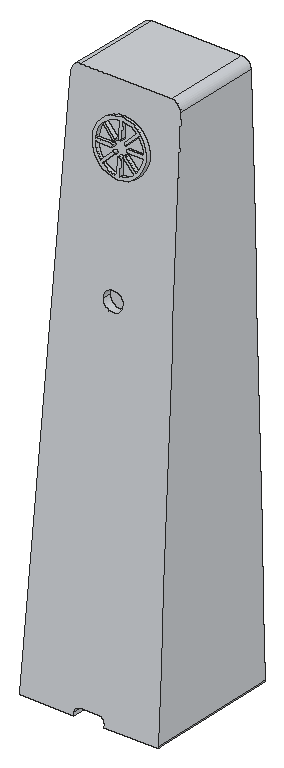
Revit family "Shower-Bath_Spout-KOHLER-Honesty-K-20004", category Plumbing Fixtures, host Face, Revit 2015
Parameters (values of type "CP-Polished Chrome")
  Width = 1 7/8"  # constant formula
  Waste Water Outlet = "Waste Water Outlet"  # constant formula
  Waste Connection = no
  Vent Connection = no
  URL = "https://www.us.kohler.com/us/"
  Spout Reach = 6 9/16"  # constant formula
  Product Page URL = "http://www.us.kohler.com/us/catalog/productDetails.jsp?productNumber=20004"
  Product Name = "Honesty"  # constant formula
  Product Documentation Link = "http://www.us.kohler.com/onlinecatalog/pdf/K-20004_spec.pdf"
  Pressure = 0.00 psi
  Model = "K-20004-CP"  # constant formula
  Material = "Premium Metal Construction"  # constant formula
  MasterFormat 2004 = "22.41.39"  # constant formula
  MasterFormat 1995 = "15410"  # constant formula
  Manufacturer Address = "444 Highland Dr, Kohler, WI 53044"  # constant formula
  Manufacturer = "KOHLER Co."  # constant formula
  Length = 7 3/8"  # constant formula
  Hot Water Inlet = "Tempered Water Inlet"  # constant formula
  Height = 1 13/16"  # constant formula
  HW Connection = yes
  Flow Rate = 0 GPM
  Finish = Kohler-Metal-CP-Polished_Chrome
  Environmental Product Declaration = ""
  Drain Included = 1 = 0  # no
  Description = "Wall-mount bath spout"  # constant formula
  Default Elevation = 36"
  Declare Label = ""
  Date Modified = "06/22/2018"  # constant formula
  Date Created = "06/22/2018"  # constant formula
  Copyright = "Copyright KOHLER Co."  # constant formula
  Contact Us = "https://www.us.kohler.com/us/static/contact.jsp"
  Cold Water Inlet = "Cold Water Inlet"  # constant formula
  CW Connection = no
  Assembly Code = "D2010"
  ADA Compliant = 1 = 0  # no
Reference planes (in)
  plane 1 "Center (Front/Back)": y = 0
  plane 2: z = 0
  plane 3 "Center (Left/Right)": x = 0
  plane 4: y = 0.90629
  plane 5: y = -0.90621
  plane 6: z = 7.375
  plane 7: z = 6.5625
  plane 8: x = -0.9375
  plane 9: x = 0.9375
Dimensions and locks (in)
  "Spout Reach": level to plane 7
  "Length": plane 6 to level
  "Width": plane 8 to plane 9
  "Height": plane 4 to plane 5
  aligned and locked: plane 2 to host face
  aligned and locked: level to host face
Automatic sketch dimensions
  host sketch curve to host sketch curve = 96"  (x2)
Nested families (in)
  nested 1: "K-20004" at (0, -0.00403, 0), type "K-20004"
Connectors (in)
  piping at (0, 0.26324, 0), diameter 0.5, driven by "HW Connection", driven by "Hot Water Inlet"
    settings: on nested 1, index 1, connector inside diameter 24", connector length 0", flow factor 0, pipe flow 0 GPM, pressure drop 0.00 psi, fitting loss kfactor 0, connector angle 0.00°, fixture units 0, engagement length 0", angle of deflection 0.00°, flow configuration 0, flow direction 1, fitting loss method 0, system type 19, joint type 0, gender type 0, connector reference index -1, connector utility 1, adjustable connector no, is connector primary yes, connector description "Tempered Water Inlet"
Definition of nested family "K-20004"
  Parameters (values of type "K-20004")
    Material = none
  Reference planes (in)
    plane 1 "Center (Front/Back)": y = 0
    plane 2: z = 0
    plane 3 "Center (Left/Right)": x = 0
    plane 4 "A": through (0, -0.27316, 7.35836) normal (0, -0.9965, 0.0837)
    plane 5: z = 7.375
    plane 6: x = 0.9375
    plane 7: x = -0.9375
    plane 8: y = 0.91032
    plane 9: y = -0.90218
  Forms (in)
    Blend 1, solid, material <- "Material", detail levels medium+fine
      base sketch origin (0, 0, 0) x (1, 0, 0) y (0, 0, 1)
        loop
          line (-0.90528, 0) -> (0.90515, 0)
          arc (0.90515, 0) -> (0.91924, 0.00595) -> (0.92481, 0.02021) r 0.01968
          line (0.92481, 0.02021) -> (0.73032, 7.24525)
          arc (0.73032, 7.24525) -> (0.69413, 7.32788) -> (0.61055, 7.36184) r 0.11981
          line (0.61055, 7.36184) -> (-0.60932, 7.36184)
          arc (-0.60932, 7.36184) -> (-0.69378, 7.32751) -> (-0.73037, 7.244) r 0.12109
          line (-0.73037, 7.244) -> (-0.92483, 0.02008)
          arc (-0.92483, 0.02008) -> (-0.91929, 0.00592) -> (-0.90528, 0) r 0.01956
      top sketch origin (0, 0, 0) x (1, 0, 0) y (0, 0, 1)
        loop
          arc (0.72067, 7.23401) -> (0.68411, 7.31758) -> (0.59961, 7.35193) r 0.12109
          line (0.59961, 7.35193) -> (-0.60098, 7.35193)
          arc (-0.60098, 7.35193) -> (-0.6845, 7.31797) -> (-0.72064, 7.23536) r 0.1197
          line (-0.72064, 7.23536) -> (-0.90963, 0.02051)
          arc (-0.90963, 0.02051) -> (-0.90397, 0.00604) -> (-0.88966, 0) r 0.01998
          line (-0.88966, 0) -> (0.89019, 0)
          arc (0.89019, 0) -> (0.90413, 0.00588) -> (0.90964, 0.01996) r 0.01945
          line (0.90964, 0.01996) -> (0.72067, 7.23401)
      from 0.93008 to -0.94001
    Extrusion 2, void
      sketch origin (0, 0, 0) x (0, 1, 0) y (0, 0, 1)
        loop
          line (-0.25349, 7.59264) -> (-1.17946, 7.59264) -> (-1.17946, -0.11019) -> (-0.90032, -0.11019) -> (-0.25349, 7.59264)
      from -1.16644 to 1.18866
    Extrusion 3, void
      sketch origin (0, 0, 0) x (1, 0, 0) y (0, 1, 0)
        loop
          arc (-0.94901, 0.88698) -> (0, 0.91032) -> (0.94901, 0.88698) r 19.30666
          line (0.94901, 0.88698) -> (0.94901, 0.96095) -> (-0.94901, 0.96095) -> (-0.94901, 0.88698)
      from -0.15126 to 7.56479
    Extrusion 4, void
      sketch origin (0, 0, 0) x (1, 0, 0) y (0, 0, 1)
        loop
          arc (-0.13152, 0.11084) -> (-0.18171, 0.09005) -> (-0.2025, 0.03985) r 0.07098
          line (-0.2025, 0.03985) -> (-0.2025, -0.08132) -> (0.1975, -0.08132) -> (0.1975, 0.04052)
          arc (0.1975, 0.04052) -> (0.1769, 0.09024) -> (0.12718, 0.11084) r 0.07031
          line (0.12718, 0.11084) -> (-0.13152, 0.11084)
        loop
          circle (-0.00217, 4.82602) r 0.13364
      from 0.37578 to 0.96939
    Extrusion 5, solid, material <- "Material", detail levels medium+fine
      sketch origin (0, -0.88482, 0.0743) x (0, 0.083678, 0.996493) y (-1, 0, 0)
        loop
          arc (6.46101, -0.06792) -> (6.48576, -0.06792) -> (6.48576, -0.09267) r 0.0175
          line (6.48576, -0.09267) -> (6.3396, -0.23883)
          arc (6.3396, -0.23883) -> (6.43094, -0.29632) -> (6.53618, -0.32026) r 0.32074
          line (6.53618, -0.32026) -> (6.53618, -0.11344)
          arc (6.53618, -0.11344) -> (6.55368, -0.09594) -> (6.57118, -0.11344) r 0.0175
          line (6.57118, -0.11344) -> (6.57118, -0.32026)
          arc (6.57118, -0.32026) -> (6.67643, -0.29632) -> (6.76777, -0.23883) r 0.32074
          line (6.76777, -0.23883) -> (6.62082, -0.09188)
          arc (6.62082, -0.09188) -> (6.62082, -0.06713) -> (6.64557, -0.06713) r 0.0175
          line (6.64557, -0.06713) -> (6.79252, -0.21408)
          arc (6.79252, -0.21408) -> (6.85001, -0.12274) -> (6.87395, -0.0175) r 0.32074
          line (6.87395, -0.0175) -> (6.66462, -0.0175)
          arc (6.66462, -0.0175) -> (6.64712, 0) -> (6.66462, 0.0175) r 0.0175
          line (6.66462, 0.0175) -> (6.87395, 0.0175)
          arc (6.87395, 0.0175) -> (6.85001, 0.12275) -> (6.79252, 0.21409) r 0.32074
          line (6.79252, 0.21409) -> (6.64462, 0.0662)
          arc (6.64462, 0.0662) -> (6.61987, 0.0662) -> (6.61987, 0.09094) r 0.0175
          line (6.61987, 0.09094) -> (6.76777, 0.23884)
          arc (6.76777, 0.23884) -> (6.67643, 0.29633) -> (6.57118, 0.32027) r 0.32074
          line (6.57118, 0.32027) -> (6.57118, 0.11072)
          arc (6.57118, 0.11072) -> (6.55368, 0.09322) -> (6.53618, 0.11072) r 0.0175
          line (6.53618, 0.11072) -> (6.53618, 0.32027)
          arc (6.53618, 0.32027) -> (6.43094, 0.29633) -> (6.3396, 0.23884) r 0.32074
          line (6.3396, 0.23884) -> (6.48674, 0.0917)
          arc (6.48674, 0.0917) -> (6.48674, 0.06695) -> (6.46199, 0.06695) r 0.0175
          line (6.46199, 0.06695) -> (6.31485, 0.21409)
          arc (6.31485, 0.21409) -> (6.25736, 0.12275) -> (6.23342, 0.0175) r 0.32074
          line (6.23342, 0.0175) -> (6.44004, 0.0175)
          arc (6.44004, 0.0175) -> (6.45754, 0) -> (6.44004, -0.0175) r 0.0175
          line (6.44004, -0.0175) -> (6.23342, -0.0175)
          arc (6.23342, -0.0175) -> (6.25736, -0.12274) -> (6.31485, -0.21408) r 0.32074
          line (6.31485, -0.21408) -> (6.46101, -0.06792)
        loop
          circle (6.55368, 0) r 0.36217
      from -0.02555 to 0.05
    Extrusion 6, solid, material <- "Material"
      sketch origin (0, 0, 0) x (1, 0, 0) y (0, 1, 0)
        loop
          circle (0, 0.26727) r 0.25
      from 0 to 0.04538
    Blend 7, solid, material <- "Material", detail levels coarse
      base sketch origin (0, -0.06579, 0) x (1, 0, 0) y (0, 0, 1)
        loop
          line (-0.90528, 0) -> (0.90515, 0)
          arc (0.90515, 0) -> (0.91924, 0.00595) -> (0.92481, 0.02021) r 0.01968
          line (0.92481, 0.02021) -> (0.73032, 7.24525)
          arc (0.73032, 7.24525) -> (0.69413, 7.32788) -> (0.61055, 7.36184) r 0.11981
          line (0.61055, 7.36184) -> (-0.60932, 7.36184)
          arc (-0.60932, 7.36184) -> (-0.69378, 7.32751) -> (-0.73037, 7.244) r 0.12109
          line (-0.73037, 7.244) -> (-0.92483, 0.02008)
          arc (-0.92483, 0.02008) -> (-0.91929, 0.00592) -> (-0.90528, 0) r 0.01956
      top sketch origin (0, -0.06579, 0) x (1, 0, 0) y (0, 0, 1)
        loop
          arc (0.72067, 7.23401) -> (0.68411, 7.31758) -> (0.59961, 7.35193) r 0.12109
          line (0.59961, 7.35193) -> (-0.60098, 7.35193)
          arc (-0.60098, 7.35193) -> (-0.6845, 7.31797) -> (-0.72064, 7.23536) r 0.1197
          line (-0.72064, 7.23536) -> (-0.90963, 0.02051)
          arc (-0.90963, 0.02051) -> (-0.90397, 0.00604) -> (-0.88966, 0) r 0.01998
          line (-0.88966, 0) -> (0.89019, 0)
          arc (0.89019, 0) -> (0.90413, 0.00588) -> (0.90964, 0.01996) r 0.01945
          line (0.90964, 0.01996) -> (0.72067, 7.23401)
      from 0.93008 to -0.94001
  Cuts and joins
    Extrusion 2, Extrusion 3, Extrusion 4 cuts Blend 1
    joined: Blend 1, Extrusion 5
  Lines and regions (in)
    Masking region 1
      outline origin (0, 0, 0) x (0, 1, 0) y (0, 0, 1)
        loop
          line (-0.90218, 0) -> (0.91032, 0) -> (0.91032, 7.375) -> (-0.27177, 7.375) -> (-0.30612, 6.9659) -> (-0.35594, 6.97009) -> (-0.41656, 6.24828) -> (-0.36666, 6.24409) -> (-0.90218, 0)
    Masking region 2
      outline origin (0, 0, 0) x (1, 0, 0) y (0, 0, 1)
        loop
          spline (-0.62131, 7.37496) -> (-0.63739, 7.3736) -> (-0.65314, 7.37011) -> (-0.66829, 7.36456) -> (-0.68256, 7.35705) -> (-0.6957, 7.34771) -> (-0.70747, 7.33671) -> (-0.71767, 7.32425) -> (-0.72611, 7.31054) -> (-0.73264, 7.29584) -> (-0.73714, 7.2804) -> (-0.73955, 7.2645) -> (-0.7398, 7.24842)
          line (-0.7398, 7.24842) -> (-0.9375, 0.02009)
          spline (-0.9375, 0.02009) -> (-0.9374, 0.01752) -> (-0.93697, 0.01497) -> (-0.9362, 0.01251) -> (-0.93511, 0.01017) -> (-0.93372, 0.00799) -> (-0.93206, 0.00601) -> (-0.93015, 0.00427) -> (-0.92802, 0.0028) -> (-0.92572, 0.00161) -> (-0.92328, 0.00074) -> (-0.92075, 0.0002) -> (-0.91817, 0)
          line (-0.91817, 0) -> (0.91807, 0)
          spline (0.91807, 0) -> (0.92066, 0.0002) -> (0.9232, 0.00075) -> (0.92565, 0.00162) -> (0.92796, 0.0028) -> (0.93009, 0.00428) -> (0.93201, 0.00603) -> (0.93369, 0.00801) -> (0.93508, 0.01019) -> (0.93618, 0.01254) -> (0.93696, 0.01502) -> (0.9374, 0.01757) -> (0.9375, 0.02016)
          line (0.9375, 0.02016) -> (0.73979, 7.24889)
          spline (0.73979, 7.24889) -> (0.73952, 7.26492) -> (0.73711, 7.28076) -> (0.73261, 7.29615) -> (0.72609, 7.3108) -> (0.71767, 7.32446) -> (0.70749, 7.33688) -> (0.69575, 7.34783) -> (0.68265, 7.35713) -> (0.66843, 7.36461) -> (0.65333, 7.37013) -> (0.63762, 7.3736) -> (0.62159, 7.37496)
          line (0.62159, 7.37496) -> (-0.62131, 7.37496)
    Masking region 3
      outline origin (0, 0, 0) x (1, 0, 0) y (0, 1, 0)
        loop
          line (-0.91005, 0.88886) -> (-0.9375, -0.90218) -> (-0.19009, -0.90218)
          spline (-0.19009, -0.90218) -> (-0.19635, -0.90124) -> (-0.20049, -0.90023) -> (-0.20238, -0.89916) -> (-0.20195, -0.89809) -> (-0.19922, -0.89704) -> (-0.19427, -0.89605) -> (-0.18728, -0.89515) -> (-0.17846, -0.89436) -> (-0.1681, -0.89373) -> (-0.15655, -0.89326) -> (-0.14417, -0.89297) -> (-0.13138, -0.89288)
          line (-0.13138, -0.89288) -> (0.12842, -0.89288)
          spline (0.12842, -0.89288) -> (0.14106, -0.89299) -> (0.15324, -0.8933) -> (0.16457, -0.89378) -> (0.17467, -0.89443) -> (0.18323, -0.89521) -> (0.18995, -0.89612) -> (0.19462, -0.89711) -> (0.19709, -0.89815) -> (0.19728, -0.89921) -> (0.19518, -0.90026) -> (0.19086, -0.90126) -> (0.18446, -0.90218)
          line (0.18446, -0.90218) -> (0.9375, -0.90218) -> (0.91005, 0.88886)
          arc (0.91005, 0.88886) -> (0, 0.91032) -> (-0.91005, 0.88886) r 19.30666
    symbolic lines, detail levels medium+fine
      curve 1: line (0, 0.89686, 7.23584) -> (0, 0.88977, 0)
      curve 2: line (0, -0.30612, 6.9659) -> (0, -0.36673, 6.2441)
      curve 3: line (-0.91005, 0, 0.02051) -> (-0.72019, 0, 7.26108)
      curve 4: spline (-0.72019, 0, 7.26108) -> (-0.71772, 0, 7.27545) -> (-0.71353, 0, 7.2894) -> (-0.70767, 0, 7.30275) -> (-0.70023, 0, 7.31529) -> (-0.69133, 0, 7.32682) -> (-0.68109, 0, 7.33719) -> (-0.66967, 0, 7.34624) -> (-0.65723, 0, 7.35384) -> (-0.64397, 0, 7.35986) -> (-0.63007, 0, 7.36423) -> (-0.61574, 0, 7.36687) -> (-0.6012, 0, 7.36776)
      curve 5: spline (-0.6012, 0, 7.36776) -> (-0.50118, 0, 7.36775) -> (-0.40114, 0, 7.36774) -> (-0.3011, 0, 7.36773) -> (-0.20104, 0, 7.36772) -> (-0.10098, 0, 7.36772) -> (-0.00092, 0, 7.36771) -> (0.09914, 0, 7.36772) -> (0.1992, 0, 7.36772) -> (0.29925, 0, 7.36773) -> (0.3993, 0, 7.36774) -> (0.49933, 0, 7.36775) -> (0.59935, 0, 7.36776)
      curve 6: spline (0.59989, 0, 7.36776) -> (0.6146, 0, 7.36686) -> (0.62909, 0, 7.36419) -> (0.64315, 0, 7.35977) -> (0.65657, 0, 7.35367) -> (0.66914, 0, 7.34599) -> (0.68069, 0, 7.33684) -> (0.69105, 0, 7.32635) -> (0.70005, 0, 7.31468) -> (0.70757, 0, 7.302) -> (0.71349, 0, 7.2885) -> (0.71773, 0, 7.27438) -> (0.72022, 0, 7.25985)
      curve 7: line (0.72022, 0, 7.25985) -> (0.91005, 0, 0.01999)
      curve 8: spline (0.91005, 0, 0.01999) -> (0.90995, 0, 0.0174) -> (0.9095, 0, 0.01485) -> (0.90872, 0, 0.01238) -> (0.90762, 0, 0.01003) -> (0.90622, 0, 0.00786) -> (0.90454, 0, 0.00589) -> (0.90262, 0, 0.00416) -> (0.90048, 0, 0.0027) -> (0.89817, 0, 0.00153) -> (0.89572, 0, 0.00069) -> (0.89319, 0, 0.00017) -> (0.89061, 0, 0)
      curve 9: spline (-0.89007, 0, 0) -> (-0.89273, 0, 0.00018) -> (-0.89533, 0, 0.0007) -> (-0.89784, 0, 0.00157) -> (-0.90021, 0, 0.00276) -> (-0.90241, 0, 0.00426) -> (-0.90439, 0, 0.00604) -> (-0.90611, 0, 0.00806) -> (-0.90755, 0, 0.01029) -> (-0.90868, 0, 0.0127) -> (-0.90948, 0, 0.01523) -> (-0.90994, 0, 0.01785) -> (-0.91005, 0, 0.02051)
      curve 10: arc (0, 0.91032, 7.375) -> (0, 0.90026, 7.30574) -> (0, 0.89686, 7.23584) r 0.73343
      curve 11: line (-0.9375, -0.90218, 0) -> (-0.727, -0.28302, 0)
      curve 12: spline (-0.72698, -0.28302, 0) -> (-0.72559, -0.28172, 0) -> (-0.72221, -0.28045, 0) -> (-0.71692, -0.27923, 0) -> (-0.70979, -0.27807, 0) -> (-0.70095, -0.277, 0) -> (-0.69053, -0.27603, 0) -> (-0.67872, -0.27519, 0) -> (-0.66571, -0.27448, 0) -> (-0.65171, -0.27391, 0) -> (-0.63696, -0.2735, 0) -> (-0.62169, -0.27325, 0) -> (-0.60617, -0.27316, 0)
      curve 13: line (-0.60617, -0.27316, 0) -> (0.60865, -0.27316, 0)
      curve 14: spline (0.60865, -0.27316, 0) -> (0.62413, -0.27327, 0) -> (0.63931, -0.27354, 0) -> (0.65395, -0.27398, 0) -> (0.6678, -0.27456, 0) -> (0.68063, -0.2753, 0) -> (0.69223, -0.27616, 0) -> (0.7024, -0.27714, 0) -> (0.71099, -0.27822, 0) -> (0.71784, -0.27939, 0) -> (0.72284, -0.28062, 0) -> (0.72591, -0.28189, 0) -> (0.727, -0.28319, 0)
      curve 15: line (0.72698, -0.28299, 0) -> (0.9375, -0.90218, 0)
      curve 16: spline (-0.13574, -0.48581, 0) -> (-0.13129, -0.48291, 0) -> (-0.118, -0.48021, 0) -> (-0.09679, -0.47788, 0) -> (-0.06909, -0.4761, 0) -> (-0.03682, -0.47498, 0) -> (-0.00217, -0.47459, 0) -> (0.03248, -0.47498, 0) -> (0.06476, -0.4761, 0) -> (0.09245, -0.47788, 0) -> (0.11367, -0.48021, 0) -> (0.12695, -0.48291, 0) -> (0.1314, -0.48581, 0)
      curve 17: spline (0.1314, -0.48581, 0) -> (0.12695, -0.48871, 0) -> (0.11367, -0.49142, 0) -> (0.09245, -0.49374, 0) -> (0.06476, -0.49552, 0) -> (0.03248, -0.49665, 0) -> (-0.00217, -0.49703, 0) -> (-0.03682, -0.49665, 0) -> (-0.06909, -0.49552, 0) -> (-0.09679, -0.49374, 0) -> (-0.118, -0.49142, 0) -> (-0.13129, -0.48871, 0) -> (-0.13574, -0.48581, 0)
      curve 18: spline (0.0175, -0.35945, 0) -> (0.03551, -0.35958, 0) -> (0.0534, -0.35979, 0) -> (0.07113, -0.36008, 0) -> (0.08863, -0.36046, 0) -> (0.10585, -0.36092, 0) -> (0.12274, -0.36145, 0) -> (0.13923, -0.36207, 0) -> (0.15528, -0.36277, 0) -> (0.17084, -0.36354, 0) -> (0.18586, -0.36438, 0) -> (0.20029, -0.36529, 0) -> (0.21408, -0.36627, 0)
      curve 19: line (0.21408, -0.36627, 0) -> (0.06713, -0.37856, 0)
      curve 20: spline (0.06713, -0.37856, 0) -> (0.06435, -0.37887, 0) -> (0.0626, -0.37922, 0) -> (0.06201, -0.3796, 0) -> (0.0626, -0.37998, 0) -> (0.06435, -0.38033, 0) -> (0.06713, -0.38063, 0) -> (0.07076, -0.38087, 0) -> (0.07498, -0.38101, 0) -> (0.07951, -0.38106, 0) -> (0.08403, -0.38101, 0) -> (0.08826, -0.38087, 0) -> (0.09188, -0.38063, 0)
      curve 21: line (0.09188, -0.38063, 0) -> (0.23883, -0.36834, 0)
      curve 22: spline (0.23883, -0.36834, 0) -> (0.25051, -0.36949, 0) -> (0.26139, -0.3707, 0) -> (0.27144, -0.37195, 0) -> (0.28064, -0.37326, 0) -> (0.28894, -0.3746, 0) -> (0.29632, -0.37598, 0) -> (0.30276, -0.37739, 0) -> (0.30824, -0.37883, 0) -> (0.31275, -0.3803, 0) -> (0.31626, -0.38178, 0) -> (0.31876, -0.38328, 0) -> (0.32026, -0.38479, 0)
      curve 23: line (0.32026, -0.38479, 0) -> (0.11344, -0.38479, 0)
      curve 24: spline (0.11344, -0.38479, 0) -> (0.10891, -0.38484, 0) -> (0.10469, -0.38498, 0) -> (0.10106, -0.38522, 0) -> (0.09828, -0.38552, 0) -> (0.09653, -0.38587, 0) -> (0.09594, -0.38625, 0) -> (0.09653, -0.38663, 0) -> (0.09828, -0.38698, 0) -> (0.10106, -0.38729, 0) -> (0.10469, -0.38752, 0) -> (0.10891, -0.38767, 0) -> (0.11344, -0.38771, 0)
      curve 25: line (0.11344, -0.38771, 0) -> (0.32026, -0.38771, 0)
      curve 26: spline (0.32026, -0.38771, 0) -> (0.31876, -0.38922, 0) -> (0.31626, -0.39072, 0) -> (0.31275, -0.3922, 0) -> (0.30824, -0.39367, 0) -> (0.30276, -0.39511, 0) -> (0.29632, -0.39652, 0) -> (0.28894, -0.3979, 0) -> (0.28064, -0.39924, 0) -> (0.27144, -0.40055, 0) -> (0.26139, -0.4018, 0) -> (0.25051, -0.40301, 0) -> (0.23883, -0.40416, 0)
      curve 27: line (0.23883, -0.40416, 0) -> (0.09267, -0.39193, 0)
      curve 28: spline (0.09267, -0.39193, 0) -> (0.08904, -0.3917, 0) -> (0.08482, -0.39156, 0) -> (0.08029, -0.39151, 0) -> (0.07576, -0.39156, 0) -> (0.07154, -0.3917, 0) -> (0.06792, -0.39193, 0) -> (0.06514, -0.39224, 0) -> (0.06339, -0.39259, 0) -> (0.06279, -0.39297, 0) -> (0.06339, -0.39335, 0) -> (0.06514, -0.3937, 0) -> (0.06792, -0.39401, 0)
      curve 29: line (0.06792, -0.39401, 0) -> (0.21408, -0.40624, 0)
      curve 30: spline (0.21408, -0.40624, 0) -> (0.20029, -0.40721, 0) -> (0.18586, -0.40812, 0) -> (0.17084, -0.40896, 0) -> (0.15528, -0.40973, 0) -> (0.13923, -0.41043, 0) -> (0.12274, -0.41105, 0) -> (0.10585, -0.41159, 0) -> (0.08863, -0.41204, 0) -> (0.07113, -0.41242, 0) -> (0.0534, -0.41271, 0) -> (0.03551, -0.41292, 0) -> (0.0175, -0.41305, 0)
      curve 31: spline (-0.36218, -0.38625, 0) -> (-0.34984, -0.39409, 0) -> (-0.31366, -0.4014, 0) -> (-0.2561, -0.40768, 0) -> (-0.18109, -0.4125, 0) -> (-0.09374, -0.41552, 0) -> (0, -0.41656, 0) -> (0.09373, -0.41552, 0) -> (0.18108, -0.4125, 0) -> (0.25609, -0.40768, 0) -> (0.31365, -0.4014, 0) -> (0.34983, -0.39409, 0) -> (0.36217, -0.38625, 0) -> (0.34983, -0.37841, 0) -> (0.31365, -0.3711, 0) -> (0.25609, -0.36482, 0) -> (0.18108, -0.36, 0) -> (0.09373, -0.35698, 0) -> (0, -0.35594, 0) -> (-0.09374, -0.35698, 0) -> (-0.18109, -0.36, 0) -> (-0.2561, -0.36482, 0) -> (-0.31366, -0.3711, 0) -> (-0.34984, -0.37841, 0) -> (-0.36218, -0.38625, 0)
      curve 32: spline (-0.36218, -0.33643, 0) -> (-0.34984, -0.32858, 0) -> (-0.31366, -0.32127, 0) -> (-0.2561, -0.315, 0) -> (-0.18109, -0.31018, 0) -> (-0.09374, -0.30715, 0) -> (0, -0.30612, 0) -> (0.09373, -0.30715, 0) -> (0.18108, -0.31018, 0) -> (0.25609, -0.315, 0) -> (0.31365, -0.32127, 0) -> (0.34983, -0.32858, 0) -> (0.36217, -0.33643, 0)
      curve 33: line (-0.36218, -0.33643, 0) -> (-0.36218, -0.38625, 0)
      curve 34: line (0.36217, -0.33643, 0) -> (0.36217, -0.38625, 0)
      curve 35: line (-0.727, -0.28302, 0) -> (-0.727, 0.89283, 0)
      curve 36: line (0.727, -0.28319, 0) -> (0.727, 0.89283, 0)
      curve 37: spline (-0.0175, -0.37697, 0) -> (-0.01691, -0.37735, 0) -> (-0.01516, -0.3777, 0) -> (-0.01238, -0.378, 0) -> (-0.00875, -0.37824, 0) -> (-0.00453, -0.37838, 0) -> (0, -0.37843, 0) -> (0.00452, -0.37838, 0) -> (0.00875, -0.37824, 0) -> (0.01237, -0.378, 0) -> (0.01515, -0.3777, 0) -> (0.0169, -0.37735, 0) -> (0.0175, -0.37697, 0)
      curve 38: spline (0.0175, -0.39576, 0) -> (0.0169, -0.39538, 0) -> (0.01515, -0.39503, 0) -> (0.01237, -0.39472, 0) -> (0.00875, -0.39449, 0) -> (0.00452, -0.39435, 0) -> (0, -0.3943, 0) -> (-0.00453, -0.39435, 0) -> (-0.00875, -0.39449, 0) -> (-0.01238, -0.39472, 0) -> (-0.01516, -0.39503, 0) -> (-0.01691, -0.39538, 0) -> (-0.0175, -0.39576, 0)
      curve 39: spline (-0.0175, -0.35945, 0) -> (-0.03551, -0.35958, 0) -> (-0.05341, -0.35979, 0) -> (-0.07114, -0.36008, 0) -> (-0.08864, -0.36046, 0) -> (-0.10586, -0.36092, 0) -> (-0.12274, -0.36145, 0) -> (-0.13924, -0.36207, 0) -> (-0.15529, -0.36277, 0) -> (-0.17085, -0.36354, 0) -> (-0.18586, -0.36438, 0) -> (-0.20029, -0.36529, 0) -> (-0.21408, -0.36627, 0)
      curve 40: line (-0.21408, -0.36627, 0) -> (-0.06713, -0.37856, 0)
      curve 41: spline (-0.06713, -0.37856, 0) -> (-0.06435, -0.37887, 0) -> (-0.0626, -0.37922, 0) -> (-0.06201, -0.3796, 0) -> (-0.0626, -0.37998, 0) -> (-0.06435, -0.38033, 0) -> (-0.06713, -0.38063, 0) -> (-0.07076, -0.38087, 0) -> (-0.07498, -0.38101, 0) -> (-0.07951, -0.38106, 0) -> (-0.08403, -0.38101, 0) -> (-0.08826, -0.38087, 0) -> (-0.09188, -0.38063, 0)
      curve 42: line (-0.09188, -0.38063, 0) -> (-0.23883, -0.36834, 0)
      curve 43: spline (-0.23883, -0.36834, 0) -> (-0.25051, -0.36949, 0) -> (-0.26139, -0.3707, 0) -> (-0.27144, -0.37195, 0) -> (-0.28064, -0.37326, 0) -> (-0.28894, -0.3746, 0) -> (-0.29632, -0.37598, 0) -> (-0.30276, -0.37739, 0) -> (-0.30824, -0.37883, 0) -> (-0.31275, -0.3803, 0) -> (-0.31626, -0.38178, 0) -> (-0.31876, -0.38328, 0) -> (-0.32026, -0.38479, 0)
      curve 44: line (-0.32026, -0.38479, 0) -> (-0.11344, -0.38479, 0)
      curve 45: spline (-0.11344, -0.38479, 0) -> (-0.10891, -0.38484, 0) -> (-0.10469, -0.38498, 0) -> (-0.10106, -0.38522, 0) -> (-0.09828, -0.38552, 0) -> (-0.09653, -0.38587, 0) -> (-0.09594, -0.38625, 0) -> (-0.09653, -0.38663, 0) -> (-0.09828, -0.38698, 0) -> (-0.10106, -0.38729, 0) -> (-0.10469, -0.38752, 0) -> (-0.10891, -0.38767, 0) -> (-0.11344, -0.38771, 0)
      curve 46: line (-0.11344, -0.38771, 0) -> (-0.32026, -0.38771, 0)
      curve 47: spline (-0.32026, -0.38771, 0) -> (-0.31876, -0.38922, 0) -> (-0.31626, -0.39072, 0) -> (-0.31275, -0.3922, 0) -> (-0.30824, -0.39367, 0) -> (-0.30276, -0.39511, 0) -> (-0.29632, -0.39652, 0) -> (-0.28894, -0.3979, 0) -> (-0.28064, -0.39924, 0) -> (-0.27144, -0.40055, 0) -> (-0.26139, -0.4018, 0) -> (-0.25051, -0.40301, 0) -> (-0.23883, -0.40416, 0)
      curve 48: line (-0.23883, -0.40416, 0) -> (-0.09267, -0.39193, 0)
      curve 49: spline (-0.09267, -0.39193, 0) -> (-0.08904, -0.3917, 0) -> (-0.08482, -0.39156, 0) -> (-0.08029, -0.39151, 0) -> (-0.07576, -0.39156, 0) -> (-0.07154, -0.3917, 0) -> (-0.06792, -0.39193, 0) -> (-0.06514, -0.39224, 0) -> (-0.06339, -0.39259, 0) -> (-0.06279, -0.39297, 0) -> (-0.06339, -0.39335, 0) -> (-0.06514, -0.3937, 0) -> (-0.06792, -0.39401, 0)
      curve 50: line (-0.06792, -0.39401, 0) -> (-0.21408, -0.40624, 0)
      curve 51: spline (-0.21408, -0.40624, 0) -> (-0.20029, -0.40721, 0) -> (-0.18586, -0.40812, 0) -> (-0.17085, -0.40896, 0) -> (-0.15529, -0.40973, 0) -> (-0.13924, -0.41043, 0) -> (-0.12274, -0.41105, 0) -> (-0.10586, -0.41159, 0) -> (-0.08864, -0.41204, 0) -> (-0.07114, -0.41242, 0) -> (-0.05341, -0.41271, 0) -> (-0.03551, -0.41292, 0) -> (-0.0175, -0.41305, 0)
      curve 52: line (-0.0175, -0.35945, 0) -> (-0.0175, -0.41305, 0)
      curve 53: line (0.0175, -0.35945, 0) -> (0.0175, -0.41305, 0)
  Dimensions and locks (in)
    plane 5 to level = 7 3/8"
    locked: plane 7 to plane 6 at 1.875
    plane 8 to plane 9 = 1 13/16"
    aligned and locked: plane 2 to level
